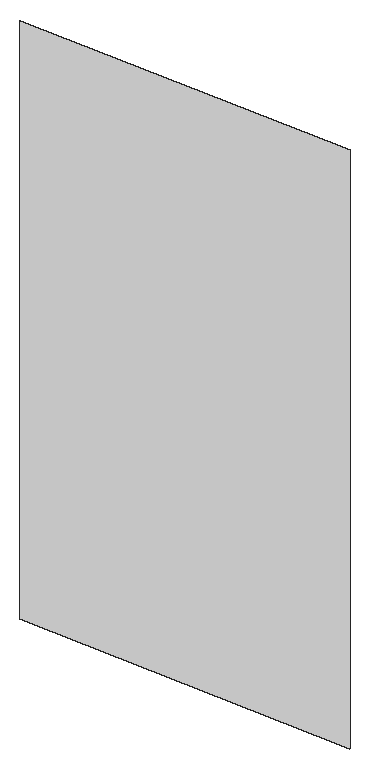
Revit family "PKNail Telephone Outlet", category Electrical Fixtures, host Wall, Revit 2017
Family settings
  Host = Wall
  Maintain Annotation Orientation = No
  Round Connector Dimension = Use Diameter
  Part Type = Normal
  OmniClass Number = 23.80.50.11.11
  OmniClass Title = Receptacle Terminal Units
  Always vertical = Yes
  Cut with Voids When Loaded = No
  Shared = No
  Room Calculation Point = No
Parameters (values of type "Telephone Outlet")
  Width = 70.00 mm
  PKNail Family Measure Location Centered = yes
  PKNail Family Instance Elevation [instance] = 254.00 mm
  PKNail Family Fixed Dimensions = "Width:Height"
  Label = "TEL"
  Height = 114.00 mm
  Material = Plastic - White
Reference planes
  plane 1: y = 0
  plane 2 "Center (Left/Right)": x = 0
  plane 3 "Back": y = 76.2
  plane 4 "Left": x = -35
  plane 5 "Right": x = 35
  plane 6: z = 247.65
  plane 7: z = 361.65
  plane 8 "Center (Elevation)": z = 304.65
  plane 9: y = 80.962
  plane 10: y = 82.55
  plane 11: z = 50.65
Forms (mm)
  Blend 1, solid, material "Plastic - White" <- "Material"
    base sketch origin (0, 76.2, 0) x (1, 0, 0) y (0, 0, 1)
      loop
        line (35, 361.65) -> (-35, 361.65) -> (-35, 247.65) -> (35, 247.65) -> (35, 361.65)
    top sketch origin (0, 76.2, 0) x (1, 0, 0) y (0, 0, 1)
      loop
        line (30.238, 356.888) -> (-30.237, 356.888) -> (-30.237, 252.413) -> (30.238, 252.413) -> (30.238, 356.888)
    from 0 to -4.762
Lines and regions (mm)
  model lines, style "InvisibleLines"
    curve 1: line (0, 76.2, 247.65) -> (0, 76.2, 50.65)
Text (mm)
  text "Placement Side" at (0, 1019.848, 3124.603), in view "Right"
  text "Placement Side" at (0, 1206.291, 3571.227), in view "Left"
Dimensions and locks
  locked: plane 3 "Back" to host wall
  "Height": plane 6 to plane 7
  "Width": plane 5 "Right" to plane 4 "Left"
  equal spacing: plane 5 "Right", plane 2 "Center (Left/Right)", plane 4 "Left"
  equal spacing: plane 6, plane 8 "Center (Elevation)", plane 7
  locked: plane 3 "Back" to plane 9 at 4.762
  locked: plane 9 to plane 10 at 1.588
  "PKNail Family Instance Elevation": plane 11 to plane 8 "Center (Elevation)"
  aligned and locked: plane 6 to Blend 1 sketch curve
  aligned and locked: plane 5 "Right" to Blend 1 sketch curve
  aligned and locked: Blend 1 sketch curve to plane 7
  aligned and locked: plane 3 "Back" to nested 1
  aligned and locked: Blend 1 to curve 1
  aligned and locked: curve 1 to plane 2 "Center (Left/Right)"
Automatic sketch dimensions
  plane 4 "Left" to Blend 1 sketch curve = 4.762 mm
  Blend 1 sketch curve to plane 5 "Right" = 4.763 mm
  Blend 1 sketch curve to plane 6 = 4.763 mm
  plane 7 to Blend 1 sketch curve = 4.762 mm
  Blend 1 sketch curve to plane 4 "Left" = 0.00 mm
  curve 1 to plane 11 = 0.00 mm
Nested families
  nested 1: "Outlet Annotation2" at (-0.091, 76.2, 0), type "Outlet Annotation2"
Definition of nested family "Outlet Annotation2"
  Parameters
    Label = "TV"
  Reference planes
    plane 1: y = 0
    plane 2: x = 0
  Lines and regions (mm)
    detail lines
      curve 1: line (0, 0.398, 0) -> (0, 2.778, 0)
      curve 2: line (-1.587, 5.953, 0) -> (1.587, 5.953, 0)
      curve 3: line (-1.587, 2.778, 0) -> (-1.587, 5.953, 0)
      curve 4: line (1.587, 2.778, 0) -> (-1.587, 2.778, 0)
      curve 5: line (1.587, 5.953, 0) -> (1.587, 2.778, 0)
  Text (mm)
    label "Label" at (-0.001, 4.356, 0), shows "Label"
